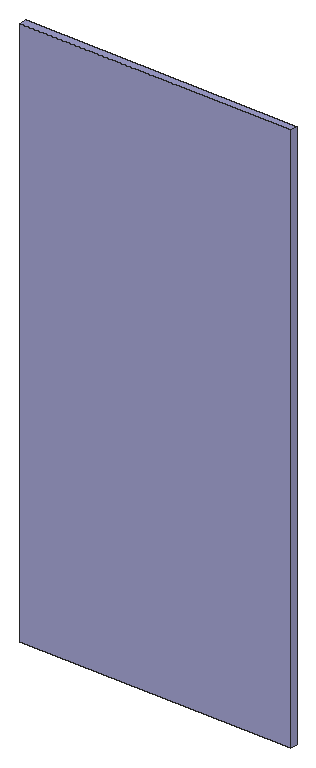
Revit family "EXP_WT-4_CPan-001", category Curtain Panels, Revit 2021
Family settings
  OmniClass Number = 23.25.20.14.11.11.17
  OmniClass Title = Infill Panels
  Always vertical = Yes
  Cut with Voids When Loaded = No
  Shared = No
Parameters
  UI-UnitNumber [instance] = "001"
  UI-Quadrant [instance] = "SE"
  UI-ProjectAbbreviation = "NEU"
  UI-ItemCategory = "PID"
  UI-FloorNumber [instance] = "03"
  PNT-WallType = "WT4"
  PNT-ProjectAbbreviation = "NEU"
  PNT-PanelType [instance] = "01"
  PNT-ItemCategory = "PNL"
  GlassSPH [instance] = 0' - 2 3/8"
  GlassH1 = IG-9F(Glass)
  Define Thermal Properties by = Schematic Type
  CellSp = 0' - 7 3/4"
  CellL [instance] = 7' - 10"
  CellH1 [instance] = CellH  # 15' - 11 1/2"
  CellH [instance] = 15' - 11 1/2"
  Analytic Construction = "<None>"
Reference planes (in)
  plane 1 "Center (Front/Back)": y = 0
  plane 2: z = 0
  plane 3 "Center (Left/Right)": x = 0
  plane 4 "Left": x = -47
  plane 5 "Right": x = 47
  plane 6 "Top": z = 191.5
  plane 7: y = -7.75
Forms (in)
  Extrusion 1, solid, material "IG-9F(Glass)" <- "GlassH1", detail levels coarse+medium
    sketch origin (0, 0, 0) x (0, 1, 0) y (0, 0, 1)
      loop
        line (0, 191.5) -> (-7.75, 191.5) -> (-7.75, 0) -> (0, 0) -> (0, 191.5)
    from -47 to 47
Text (in)
  text "Exterior" at (-92.59733, 55.75508, 0), in view "Ref. Level"
  text "Exterior" at (0, 90.18664, 173.49264), in view "Left"
  text "Exterior" at (0, 52.29083, 162.21847), in view "Right"
Dimensions and locks (in)
  equal spacing: plane 4 "Left", plane 3 "Center (Left/Right)", plane 5 "Right"  (x2)
  "CellL": plane 4 "Left" to plane 5 "Right"
  "CellH": plane 2 to plane 6 "Top"
  "CellSp": plane 7 to plane 1 "Center (Front/Back)"
  aligned and locked: level to plane 2
  aligned and locked: Extrusion 1 sketch curve to level
  aligned and locked: Extrusion 1 sketch curve to plane 7
  aligned and locked: Extrusion 1 to plane 5 "Right"
  aligned and locked: plane 4 "Left" to Extrusion 1
  aligned and locked: Extrusion 1 to plane 6 "Top"
  aligned and locked: plane 1 "Center (Front/Back)" to nested 1
  aligned and locked: nested 1 to plane 6 "Top"
  aligned and locked: plane 5 "Right" to nested 1
  aligned and locked: plane 1 "Center (Front/Back)" to nested 2
  aligned and locked: nested 2 to plane 6 "Top"
  aligned and locked: plane 2 to nested 2
  aligned and locked: plane 5 "Right" to nested 2
  aligned and locked: plane 4 "Left" to nested 2
Automatic sketch dimensions
  Extrusion 1 sketch curve to plane 1 "Center (Front/Back)" = 0' - 0"
  level to Extrusion 1 sketch curve = 15' - 11 1/2"
Nested families (in)
  nested 1: "EXP_xx_DetO-002" at (0, 0, 0), CellH <- "CellH", CellL <- "CellL", type "EXP_xx_DetO-002", detail levels coarse
    with CellL 7' - 10", CellH 15' - 11 1/2"
  nested 2: "EXP_WT-1x_IG-011" at (0, 0, 95.75), MaterialGlass <- "GlassH1", GlassSP <- "GlassSPH", type "A = 0°", detail levels fine
    with MaterialGlass IG-9F(Glass), GlassSP 0' - 2 3/8", GlassL 7' - 9", GlassH 15' - 10 1/2", CellL 7' - 10", CellH 15' - 11 1/2"
Definition of nested family "EXP_WT-1x_IG-011"
  Parameters (values of type "A = 90°")
    MaterialGlass [instance] = none
    GlassSP [instance] = 0' - 2.12598"
    GlassL [instance] = CellL - (GlassD1 + GlassD3)  # 3' - 11.8189"
    GlassH [instance] = CellH - (GlassD2 + GlassD4)  # 6' - 7.58489"
    GlassD4 = 0' - 0 1/2"
    GlassD3 = 0' - 0 1/2"
    GlassD2 = 0' - 0 1/2"
    GlassD1 = 0' - 0 1/2"
    GMPI-ProjectAbbreviation = "NEU"
    GMPI-IteamCategory = "GLS"
    Default Elevation = 0' - 0"
    CellL [instance] = 4' - 0.8189"
    CellH [instance] = 6' - 8.58489"
  Types (2): name
    A = 90°
    A = 0°
  Reference planes (in)
    plane 1 "Center (Front/Back)": y = 0
    plane 2: z = 0
    plane 3 "Center (Left/Right)": x = 0
    plane 4: x = -24.40945
    plane 5: x = 24.40945
    plane 6: z = 40.29245
    plane 7: x = -23.90945
    plane 8: x = 23.90945
    plane 9: z = -40.29245
    plane 10: z = 39.79245
    plane 11: z = -39.79245
  Forms (in)
    Extrusion 1, solid, material <- "MaterialGlass"
      sketch origin (0, 0, 0) x (1, 0, 0) y (0, 0, 1)
        loop
          line (-23.90945, -39.79245) -> (23.90945, -39.79245) -> (23.90945, 39.79245) -> (-23.90945, 39.79245) -> (-23.90945, -39.79245)
      from 0 to 2.12598 <- "GlassSP"
  Dimensions and locks (in)
    equal spacing: plane 6, level, plane 9
    "CellH": plane 6 to plane 9
    "GlassD2": plane 6 to plane 10
    "GlassD4": plane 11 to plane 9
    equal spacing: plane 4, plane 3 "Center (Left/Right)", plane 5
    "CellL": plane 4 to plane 5
    "GlassD1": plane 4 to plane 7
    "GlassD3": plane 5 to plane 8
    aligned and locked: level to plane 2
    aligned and locked: Extrusion 1 sketch curve to plane 11
    aligned and locked: Extrusion 1 sketch curve to plane 7
    aligned and locked: plane 10 to Extrusion 1 sketch curve
    aligned and locked: plane 8 to Extrusion 1 sketch curve
Definition of nested family "EXP_xx_DetO-002"
  Parameters (values of type "EXP_xx_DetO-002")
    Default Elevation = 0' - 0"
    CellL [instance] = 5' - 4.56693"
    CellH [instance] = 5' - 2.99213"
  Reference planes (in)
    plane 1 "Center (Front/Back)": y = 0
    plane 2: z = 0
    plane 3 "Center (Left/Right)": x = 0
    plane 4: x = -32.28346
    plane 5: x = 32.28346
    plane 6: z = 62.99213
  Lines and regions (in)
    model lines
      curve 1: line (-32.28346, 0, 62.99213) -> (32.28346, 0, 0)
      curve 2: line (32.28346, 0, 62.99213) -> (-32.28346, 0, 0)
  Dimensions and locks (in)
    "CellH": plane 6 to level
    equal spacing: plane 4, plane 3 "Center (Left/Right)", plane 5
    "CellL": plane 4 to plane 5
    aligned and locked: level to plane 2
  Automatic sketch dimensions
    curve 2 to level = 0' - 0"
    plane 4 to curve 2 = 0' - 0"
    plane 4 to curve 1 = 0' - 0"
    plane 5 to curve 2 = 0' - 0"
    curve 1 to level = 0' - 0"
    plane 5 to curve 1 = 0' - 0"
    curve 2 to plane 6 = 0' - 0"
    curve 1 to plane 6 = 0' - 0"
